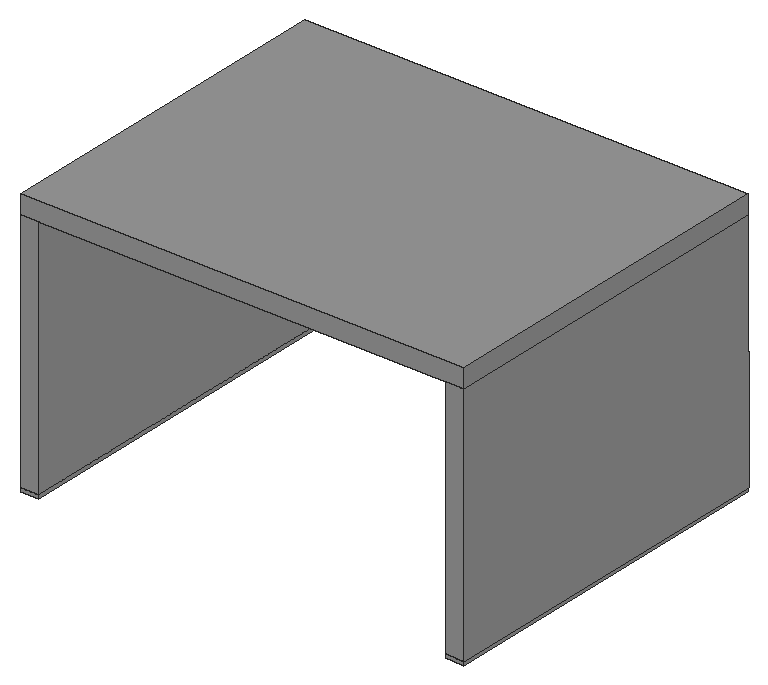
Revit family "Cocoon Community Table 48x60x36", category Generic Models, Revit 2018
Family settings
  Can host rebar = No
  Round Connector Dimension = Use Diameter
  Part Type = Normal
  Work Plane-Based = No
  Always vertical = Yes
  Cut with Voids When Loaded = No
  Shared = No
  Room Calculation Point = No
Parameters
  Frame = Cocoon Community Table 48x60x36 Frame
  Surface = Cocoon Community Table 48x60x36 Surface
Reference planes (in)
  plane 1 "Center (Front/Back)": y = 0
  plane 2: z = 0
  plane 3 "Center (Left/Right)": x = 0
Forms (in)
  Extrusion 1, solid, material "Cocoon Community Table 48x60x36 Frame" <- "Frame"
    sketch origin (0, 0, 0) x (1, 0, 0) y (0, 0, 1)
      loop
        line (-30, 0.5) -> (-30, 0) -> (-27.5, 0) -> (-27.5, 0.5) -> (-30, 0.5)
      loop
        line (30, 0.5) -> (27.5, 0.5) -> (27.5, 0) -> (30, 0) -> (30, 0.5)
    from -24 to 24
  Extrusion 2, solid, material "Cocoon Community Table 48x60x36 Surface" <- "Surface"
    sketch origin (0, 0, 7) x (1, 0, 0) y (0, 0, 1)
      loop
        line (-30, 29) -> (-30, 26.5) -> (30, 26.5) -> (30, 29) -> (-30, 29)
    from -24 to 24
  Extrusion 3, solid, material "Cocoon Community Table 48x60x36 Frame" <- "Frame"
    sketch origin (0, 0, 0) x (1, 0, 0) y (0, 0, 1)
      loop
        line (-30, 33.5) -> (-30, 0.5) -> (-27.5, 0.5) -> (-27.5, 33.5) -> (-30, 33.5)
      loop
        line (27.5, 33.5) -> (27.5, 0.5) -> (30, 0.5) -> (30, 33.5) -> (27.5, 33.5)
    from -24 to 24
Dimensions and locks (in)
  aligned and locked: level to plane 2
